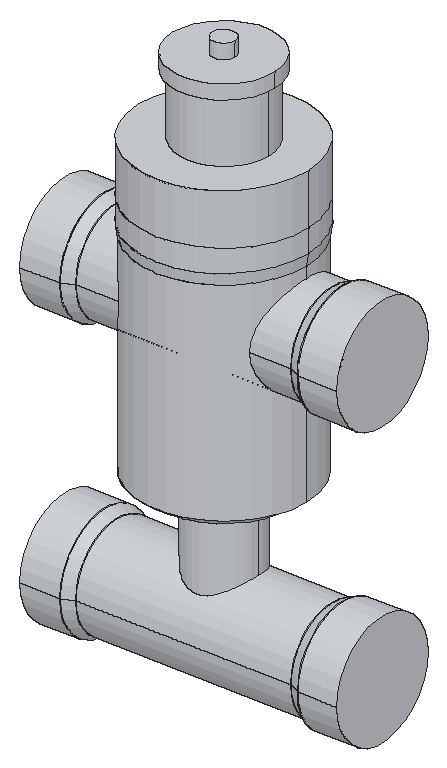
Revit family "VTX21P_DN20_PN16_RFA_2018", category Pipe Accessories, Revit 2018
Family settings
  Round Connector Dimension = Use Diameter
  Part Type = Valve - Breaks Into
  Work Plane-Based = No
  Always vertical = Yes
  Cut with Voids When Loaded = No
  Shared = No
Parameters (values of type "VTX21P G3/4  PN16 kvs2,5")
  magiProductId = ""
  magiProductFamilyId = ""
  magiPartTypeId = 306
  isMeasuringValve [instance] = no
  ang2D [instance] = 0.00°
  Z8 = 4 mm
  Z7__ve = -Z7  # -2.5 mm
  Z7 = 2.5 mm
  Z5 = 9.1 mm
  Z3 = 2 mm
  Z2 = 17.5 mm
  X4__ve = -X4  # -7 mm
  X4 = 7 mm
  X3 = 38 mm
  W2D = 15 mm
  VersionID = ""
  Use Minimum Symbol Size [instance] = yes
  URL = "www.hydronix.cz"
  Type Comments = "Závitový, vnější závit, ploché těsnění; LIN charakteristika; PN16; +5~+95°C; max.rychlost proudění 3,0 m/s"
  R9 = 9 mm
  R8 = 2 mm
  R7 = 15 mm
  R6 = 11.76 mm
  R5 = 7.409 mm
  R4 = 6.174 mm
  R2 = 14.7 mm
  R10 = 8 mm
  R1 = 9 mm
  QmdConnectorList = "301;D;302;D"
  Productdata [instance] = ""
  Manufacturer = "Hydronix"
  MC2 = yes
  MC Product Code = "VTX21P (G3/4\"; dpmax=150kPa; kvs 2,5)"
  MC = no
  LT2 = 21 mm
  L2D_Min = 3048 mm
  L2D = 38 mm
  H1 = 37.4 mm
  H = 26 mm
  E = 16 mm
  Description = "3 cestný regulační ventil malých spotřebičů s obtokem, DN20; zdvih 2,5mm; max dp 150kPa; kvs2,5"
  DT2 = 10 mm
  D = 20 mm
  CAT0 = yes
  C = 50 mm
Types (8, lengths in mm): name | Z5 | Z2 | X3 | R6 | R5 | R4 | R2 | R1 | MC Product Code | LT2 | H1 | H | Description | DT2 | D | C
  VTX09P G1/2  PN16 kvs0,25 | 9.45 | 8.05 | 34 | 10.64 | 6.703 | 5.586 | 13.3 | 6.75 | "VTX09P (G1/2\"; dpmax=250kPa; kvs 0,25)" | 19 | 20.5 | 27 | "3 cestný regulační ventil malých spotřebičů s obtokem, DN15; zdvih 2,5mm; max dp 250kPa; kvs0,25" | 7.5 | 15 | 23
  VTX10P G1/2  PN16 kvs0,4 | 9.45 | 8.05 | 34 | 10.64 | 6.703 | 5.586 | 13.3 | 6.75 | "VTX10P (G1/2\"; dpmax=250kPa; kvs 0,4)" | 19 | 20.5 | 27 | "3 cestný regulační ventil malých spotřebičů s obtokem, DN15; zdvih 2,5mm; max dp 250kPa; kvs0,4" | 7.5 | 15 | 23
  VTX12P G1/2  PN16 kvs1,0 | 9.45 | 8.05 | 34 | 10.64 | 6.703 | 5.586 | 13.3 | 6.75 | "VTX12P (G1/2\"; dpmax=250kPa; kvs 1,0)" | 19 | 20.5 | 27 | "3 cestný regulační ventil malých spotřebičů s obtokem, DN15; zdvih 2,5mm; max dp 250kPa; kvs1,0" | 7.5 | 15 | 23
  VTX13P G1/2  PN16 kvs1,6 | 9.45 | 8.05 | 34 | 10.64 | 6.703 | 5.586 | 13.3 | 6.75 | "VTX13P (G1/2\"; dpmax=250kPa; kvs 1,6)" | 19 | 20.5 | 27 | "3 cestný regulační ventil malých spotřebičů s obtokem, DN15; zdvih 2,5mm; max dp 250kPa; kvs1,6" | 7.5 | 15 | 23
  VTX21P G3/4  PN16 kvs2,5 | 9.1 | 17.5 | 38 | 11.76 | 7.409 | 6.174 | 14.7 | 9 | "VTX21P (G3/4\"; dpmax=150kPa; kvs 2,5)" | 21 | 37.4 | 26 | "3 cestný regulační ventil malých spotřebičů s obtokem, DN20; zdvih 2,5mm; max dp 150kPa; kvs2,5" | 10 | 20 | 50
  VTX24P G3/4  PN16 kvs4,0 | 9.1 | 17.5 | 38 | 11.76 | 7.409 | 6.174 | 14.7 | 9 | "VTX24P (G3/4\"; dpmax A-AB=100kPa;  dpmax B-AB=40kPa;  kvs 4,0)" | 21 | 37.4 | 26 | "3 cestný regulační ventil malých spotřebičů s obtokem, DN20; zdvih 2,5mm; max dp A-AB 100kPa; max dp B-AB 40kPa; kvs4,0" | 10 | 20 | 50
  VTX26P G3/4  PN16 kvs6,0 | 9.1 | 17.5 | 38 | 11.76 | 7.409 | 6.174 | 14.7 | 9 | "VTX26P (G3/4\"; dpmax A-AB=100kPa;  dpmax B-AB=40kPa; kvs 6,0)" | 21 | 37.4 | 26 | "3 cestný regulační ventil malých spotřebičů s obtokem, DN20; zdvih 2,5mm; max dp A-AB 100kPa; max dp B-AB 40kPa; kvs6,0" | 10 | 20 | 50
  VTX11P G1/2  PN16 kvs0,6 | 9.45 | 8.05 | 34 | 10.64 | 6.703 | 5.586 | 13.3 | 6.75 | "VTX11P (G1/2\"; dpmax=250kPa; kvs 0,6)" | 19 | 20.5 | 27 | "3 cestný regulační ventil malých spotřebičů s obtokem, DN15; zdvih 2,5mm; max dp 250kPa; kvs0,6" | 7.5 | 15 | 23
Reference planes
  plane 1 "Center (Front/Back)": y = 0
  plane 2 "XYPLANE": z = 0
  plane 3 "Center (Left/Right)": x = 0
  plane 4 "271": z = 37
  plane 5 "254": z = 10.9
  plane 6 "253": z = 16.9
  plane 7 "148": z = 39.5
  plane 8 "132": z = 42
  plane 9 "62": z = 12.9
  plane 10 "53": z = 26
  plane 11 "52": z = -26.5
  plane 12 "48": z = -28.5
  plane 13 "47": z = -30.5
  plane 14 "38": z = -48
  plane 15 "37": x = 19
  plane 16 "36": x = 21
  plane 17 "23": z = -50
  plane 18 "19": x = -19
  plane 19 "15": x = -21
  plane 20 "6": x = 28
  plane 21 "5": x = -28
  plane 22 "3": z = 0
  plane 23 "2": y = 0
  plane 24 "1": x = 0
Forms (mm)
  Extrusion 1, solid
    sketch origin (-19, -750, 0) x (0, 1, 0) y (0, 0, 1)
      loop
        circle (750, -50) r 9
    from 0 to 38 <- "X3"
  Blend 2, solid
    base sketch origin (21, -750, 0) x (0, 1, 0) y (0, 0, 1)
      loop
        circle (750, -50) r 10
    top sketch origin (21, -750, 0) x (0, 1, 0) y (0, 0, 1)
      loop
        circle (750, -50) r 9
    from 0 to -2
  Extrusion 3, solid
    sketch origin (28, -750, 0) x (0, 1, 0) y (0, 0, 1)
      loop
        circle (750, -50) r 10
    from 0 to -7 <- "X4__ve"
  Extrusion 4, solid
    sketch origin (-28, -750, 0) x (0, 1, 0) y (0, 0, 1)
      loop
        circle (750, -50) r 10
    from 0 to 7 <- "X4"
  Blend 5, solid
    base sketch origin (-21, -750, 0) x (0, 1, 0) y (0, 0, 1)
      loop
        circle (750, -50) r 10
    top sketch origin (-21, -750, 0) x (0, 1, 0) y (0, 0, 1)
      loop
        circle (750, -50) r 9
    from 0 to 2
  Extrusion 6, solid, visible <- "CAT0"
    sketch origin (-750, 0, 42) x (1, 0, 0) y (0, 1, 0)
      loop
        circle (750, 0) r 2
    from 0 to -2.5 <- "Z7__ve"
  Extrusion 7, solid, visible <- "CAT0"
    sketch origin (-750, 0, 37) x (1, 0, 0) y (0, 1, 0)
      loop
        circle (750, 0) r 8
    from 0 to -19
  Extrusion 8, solid, visible <- "CAT0"
    sketch origin (-19, -750, 0) x (0, 1, 0) y (0, 0, 1)
      loop
        circle (750, 0) r 9
    from 0 to 38 <- "X3"
  Extrusion 9, solid
    sketch origin (-750, 0, 12.9) x (1, 0, 0) y (0, 1, 0)
      loop
        circle (750, 0) r 15
    from 0 to 4 <- "Z8"
  Extrusion 10, solid
    sketch origin (-750, 0, 39.5) x (1, 0, 0) y (0, 1, 0)
      loop
        circle (750, 0) r 9
    from 0 to -2.5 <- "Z7__ve"
  Extrusion 11, solid
    sketch origin (-750, 0, 16.9) x (1, 0, 0) y (0, 1, 0)
      loop
        circle (750, 0) r 15
    from 0 to 9.1 <- "Z5"
  Blend 12, solid
    base sketch origin (-750, 0, 10.9) x (1, 0, 0) y (0, 1, 0)
      loop
        circle (750, 0) r 14.7
    top sketch origin (-750, 0, 10.9) x (1, 0, 0) y (0, 1, 0)
      loop
        circle (750, 0) r 15
    from 0 to 2
  Blend 13, solid
    base sketch origin (-750, 0, -26.5) x (1, 0, 0) y (0, 1, 0)
      loop
        circle (750, 0) r 14.7
    top sketch origin (-750, 0, -26.5) x (1, 0, 0) y (0, 1, 0)
      loop
        circle (750, 0) r 11.76
    from 0 to -2
  Blend 14, solid
    base sketch origin (-750, 0, -28.5) x (1, 0, 0) y (0, 1, 0)
      loop
        circle (750, 0) r 7.409
    top sketch origin (-750, 0, -28.5) x (1, 0, 0) y (0, 1, 0)
      loop
        circle (750, 0) r 6.174
    from 0 to -2
  Extrusion 15, solid
    sketch origin (-750, 0, -48) x (1, 0, 0) y (0, 1, 0)
      loop
        circle (750, 0) r 6.174
    from 0 to 17.5 <- "Z2"
  Extrusion 16, solid
    sketch origin (28, -750, 0) x (0, 1, 0) y (0, 0, 1)
      loop
        circle (750, 0) r 10
    from 0 to -7 <- "X4__ve"
  Blend 17, solid
    base sketch origin (21, -750, 0) x (0, 1, 0) y (0, 0, 1)
      loop
        circle (750, 0) r 10
    top sketch origin (21, -750, 0) x (0, 1, 0) y (0, 0, 1)
      loop
        circle (750, 0) r 9
    from 0 to -2
  Extrusion 18, solid
    sketch origin (-750, 0, -26.5) x (1, 0, 0) y (0, 1, 0)
      loop
        circle (750, 0) r 14.7
    from 0 to 37.4 <- "H1"
  Blend 19, solid
    base sketch origin (-21, -750, 0) x (0, 1, 0) y (0, 0, 1)
      loop
        circle (750, 0) r 10
    top sketch origin (-21, -750, 0) x (0, 1, 0) y (0, 0, 1)
      loop
        circle (750, 0) r 9
    from 0 to 2
  Extrusion 20, solid
    sketch origin (-28, -750, 0) x (0, 1, 0) y (0, 0, 1)
      loop
        circle (750, 0) r 10
    from 0 to 7 <- "X4"
  Extrusion 21, solid, not visible
    sketch origin (21, -750, 0) x (0, 1, 0) y (0, 0, 1)
      loop
        circle (750, 0) r 10
    from 0 to -10
  Extrusion 22, solid, not visible
    sketch origin (-21, -750, 0) x (0, 1, 0) y (0, 0, 1)
      loop
        circle (750, 0) r 10
    from 0 to 10
Lines and regions (mm)
  reference lines, not visible
    curve 1: circle (2, 2, 0) r 1 normal (0, 0, 1)
Dimensions and locks
  plane 1 "Center (Front/Back)" to curve 1 = 2 mm
  "Z7": plane 7 "148" to plane 4 "271"
  "Z3": plane 9 "62" to plane 5 "254"
  "Z5": plane 10 "53" to plane 6 "253"
  "Z7": plane 8 "132" to plane 7 "148"
  "E": plane 10 "53" to plane 8 "132"
  "Z8": plane 6 "253" to plane 9 "62"
  "H": plane 2 "XYPLANE" to plane 10 "53"
  "Z3": plane 12 "48" to plane 11 "52"
  "Z3": plane 13 "47" to plane 12 "48"
  "Z2": plane 14 "38" to plane 13 "47"
  "Z3": plane 17 "23" to plane 14 "38"
  locked: plane 16 "36" to plane 15 "37" at 2
  "LT2": plane 3 "Center (Left/Right)" to plane 16 "36"
  "C": plane 2 "XYPLANE" to plane 17 "23"
  locked: plane 19 "15" to plane 18 "19" at 2
  "LT2": plane 3 "Center (Left/Right)" to plane 19 "15"
  "X4": plane 16 "36" to plane 20 "6"
  "X4": plane 19 "15" to plane 21 "5"
  locked: plane 2 "XYPLANE" to plane 22 "3"
  locked: plane 1 "Center (Front/Back)" to plane 23 "2"
  locked: plane 3 "Center (Left/Right)" to plane 24 "1"
  "R1": radius of Extrusion 1 sketch curve
  "R1": radius of Blend 2 sketch curve
  "DT2": radius of Blend 2 sketch curve
  "DT2": radius of Extrusion 3 sketch curve
  "DT2": radius of Extrusion 4 sketch curve
  "R1": radius of Blend 5 sketch curve
  "DT2": radius of Blend 5 sketch curve
  "R8": radius of Extrusion 6 sketch curve
  "R10": radius of Extrusion 7 sketch curve
  "R1": radius of Extrusion 8 sketch curve
  "R7": radius of Extrusion 9 sketch curve
  "R9": radius of Extrusion 10 sketch curve
  "R7": radius of Extrusion 11 sketch curve
  "R7": radius of Blend 12 sketch curve
  "R2": radius of Blend 12 sketch curve
  "R6": radius of Blend 13 sketch curve
  "R2": radius of Blend 13 sketch curve
  "R4": radius of Blend 14 sketch curve
  "R5": radius of Blend 14 sketch curve
  "R4": radius of Extrusion 15 sketch curve
  "DT2": radius of Extrusion 16 sketch curve
  "R1": radius of Blend 17 sketch curve
  "DT2": radius of Blend 17 sketch curve
  "R2": radius of Extrusion 18 sketch curve
  "R1": radius of Blend 19 sketch curve
  "DT2": radius of Blend 19 sketch curve
  "DT2": radius of Extrusion 20 sketch curve
  aligned and locked: level to plane 2 "XYPLANE"
  aligned and locked: plane 17 "23" to Extrusion 1 sketch curve
  aligned and locked: Extrusion 1 sketch curve to plane 23 "2"
  aligned and locked: plane 17 "23" to Blend 2 sketch curve  (x2)
  aligned and locked: Blend 2 sketch curve to plane 23 "2"  (x2)
  aligned and locked: Blend 2 to plane 15 "37"
  aligned and locked: plane 17 "23" to Extrusion 3 sketch curve
  aligned and locked: Extrusion 3 sketch curve to plane 23 "2"
  aligned and locked: plane 17 "23" to Extrusion 4 sketch curve
  aligned and locked: Extrusion 4 sketch curve to plane 23 "2"
  aligned and locked: plane 17 "23" to Blend 5 sketch curve  (x2)
  aligned and locked: Blend 5 sketch curve to plane 23 "2"  (x2)
  aligned and locked: plane 18 "19" to Blend 5
  aligned and locked: plane 23 "2" to Extrusion 6 sketch curve
  aligned and locked: plane 24 "1" to Extrusion 6 sketch curve
  aligned and locked: plane 23 "2" to Extrusion 7 sketch curve
  aligned and locked: plane 24 "1" to Extrusion 7 sketch curve
  aligned and locked: plane 22 "3" to Extrusion 8 sketch curve
  aligned and locked: Extrusion 8 sketch curve to plane 23 "2"
  aligned and locked: plane 23 "2" to Extrusion 9 sketch curve
  aligned and locked: plane 24 "1" to Extrusion 9 sketch curve
  aligned and locked: plane 23 "2" to Extrusion 10 sketch curve
  aligned and locked: plane 24 "1" to Extrusion 10 sketch curve
  aligned and locked: plane 23 "2" to Extrusion 11 sketch curve
  aligned and locked: plane 24 "1" to Extrusion 11 sketch curve
  aligned and locked: plane 23 "2" to Blend 12 sketch curve  (x2)
  aligned and locked: plane 24 "1" to Blend 12 sketch curve  (x2)
  aligned and locked: plane 9 "62" to Blend 12
  aligned and locked: plane 23 "2" to Blend 13 sketch curve  (x2)
  aligned and locked: plane 24 "1" to Blend 13 sketch curve  (x2)
  aligned and locked: Blend 13 to plane 12 "48"
  aligned and locked: plane 23 "2" to Blend 14 sketch curve  (x2)
  aligned and locked: plane 24 "1" to Blend 14 sketch curve  (x2)
  aligned and locked: Blend 14 to plane 13 "47"
  aligned and locked: plane 23 "2" to Extrusion 15 sketch curve
  aligned and locked: plane 24 "1" to Extrusion 15 sketch curve
  aligned and locked: plane 22 "3" to Extrusion 16 sketch curve
  aligned and locked: Extrusion 16 sketch curve to plane 23 "2"
  aligned and locked: plane 22 "3" to Blend 17 sketch curve  (x2)
  aligned and locked: Blend 17 sketch curve to plane 23 "2"  (x2)
  aligned and locked: Blend 17 to plane 15 "37"
  aligned and locked: plane 23 "2" to Extrusion 18 sketch curve
  aligned and locked: plane 24 "1" to Extrusion 18 sketch curve
  aligned and locked: plane 22 "3" to Blend 19 sketch curve  (x2)
  aligned and locked: Blend 19 sketch curve to plane 23 "2"  (x2)
  aligned and locked: plane 18 "19" to Blend 19
  aligned and locked: plane 22 "3" to Extrusion 20 sketch curve
  aligned and locked: Extrusion 20 sketch curve to plane 23 "2"
  aligned and locked: plane 22 "3" to Extrusion 21 sketch curve
  aligned and locked: Extrusion 21 sketch curve to plane 23 "2"
  aligned and locked: plane 22 "3" to Extrusion 22 sketch curve
  aligned and locked: Extrusion 22 sketch curve to plane 23 "2"
Automatic sketch dimensions
  plane 1 "Center (Front/Back)" to Extrusion 21 sketch curve = 10 mm
  plane 1 "Center (Front/Back)" to Extrusion 22 sketch curve = 10 mm
  plane 3 "Center (Left/Right)" to curve 1 = 2 mm
  radius of curve 1 = 1 mm
Connectors
  piping at (-21, 0, 0), diameter 20, driven by "D"
    settings: on Extrusion 22, index 1, connector inside diameter 609.6 mm, connector length 0 mm, flow factor 0, pipe flow 0.0 L/s, pressure drop 0.0 Pa, fitting loss kfactor 0, connector angle 0.00°, fixture units 0, engagement length 0 mm, angle of deflection 0.00°, flow configuration 0, flow direction 0, fitting loss method 0, system type 29, joint type 0, gender type 0, connector reference index 2, connector utility 0, adjustable connector no, is connector primary yes, connector description ""
  piping at (21, 0, 0), diameter 20, driven by "D"
    settings: on Extrusion 21, index 2, connector inside diameter 609.6 mm, connector length 0 mm, flow factor 0, pipe flow 0.0 L/s, pressure drop 0.0 Pa, fitting loss kfactor 0, connector angle 0.00°, fixture units 0, engagement length 0 mm, angle of deflection 0.00°, flow configuration 0, flow direction 0, fitting loss method 0, system type 29, joint type 0, gender type 0, connector reference index 1, connector utility 0, adjustable connector no, is connector primary no, connector description ""
